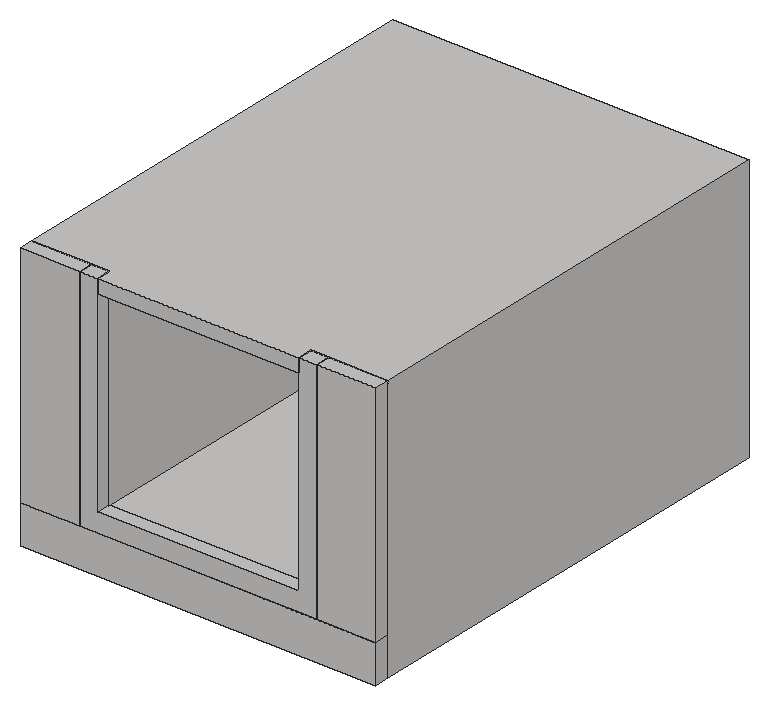
Revit family "QF_ELECTROLUXPROFESSIONAL_588642_MB1NCAFOOO", category Attrezzature speciali, Revit 2020
Family settings
  Quota connettore circolare = Usa diametro
  Tipo di parte = Normale
  Basato su piano di lavoro = No
  Sempre verticale = Sì
  Taglio con vuoti quando caricato = No
  Condiviso = No
  Punto di calcolo locali = No
Parameters (values of type "Standard")
  Weight = 19.00 kg
  Watts = 0 W
  Volts = 0 V
  URL Manufacturer = "https://www.electroluxprofessional.com/"
  URL = "https://www.electroluxprofessional.com/"
  Steam Supply Size = 0"
  Steam Supply Minimum Pressure = 0.00 psi
  Steam Supply Maximum Pressure = 0.00 psi
  Steam Consumption per Hour = 0
  Refrigeration Suction Line Size = 0 mm
  Refrigeration Liquid Line Size = 0 mm
  Refrigerant Compressor Remote = yes
  Prospetto di default = 0 mm
  Phase = 0
  Modello = "MB1NCAFOOO"
  Produttore = "Electrolux Professional"
  Length Actual = 600 mm  # constant formula
  Item Number = "588642"
  Hot Water Size = 0"
  Height Actual = 450 mm  # constant formula
  HP = "0 HP"
  Gas Size = 0"
  Gas KW = 0
  Gas Input Pressure = 0.0 Btu/h
  Direct Waste Size = 0"
  Descrizione = "OPEN BASE,GN,1-SIDE,600X850X450H"
  Depth Actual = 850 mm  # constant formula
  Cycle = 0 Hz
  Condensate Return Size = 0"
  Compressed Air Volume = 0 GPM
  Compressed Air Size = 0"
  Compressed Air Pressure = 0.00 psi
  Cold Water Size = 0"
  Accessory = yes
Reference planes
  plane 1 "BACK": y = 0
  plane 2: z = 0
  plane 3 "LEFT": x = 0
  plane 4 "RIGHT": x = 600
  plane 5 "FRONT": y = -850
  plane 6 "PLAIN": z = 900
  plane 7 "Center (Left/Right)": x = 300
  plane 8 "Center (Front/Back)": y = -425
  plane 9 "TOP": z = 650
  plane 10 "BASE": z = 200
  plane 11: x = 522
  plane 12: x = 78
  plane 13 "Feet_back": y = -150
  plane 14 "Feet_Front": y = -720
  plane 15: x = 100
  plane 16: x = 500
  plane 17: z = 265
  plane 18: y = -45
  plane 19: y = -805
  plane 20: y = -70
  plane 21: y = -830
  plane 22 "ButtonZ": z = 590
Forms (mm)
  Extrusion 1, solid, material "QF_Finishes_Stainless Steel"
    sketch origin (0, 0, 650) x (0, 1, 0) y (0, 0, 1)
      loop
        line (-45, -450) -> (-45, 0) -> (-805, 0) -> (-805, -450) -> (-45, -450)
    from 0 to 600
  Extrusion 2, solid, material "QF_Finishes_Stainless Steel"
    sketch origin (0, 0, 650) x (0, 1, 0) y (0, 0, 1)
      loop
        line (-830, -450) -> (-805, -450) -> (-805, -385) -> (-830, -385) -> (-830, -450)
    from 0 to 600
  Extrusion 3, void
    sketch origin (0, -850, 0) x (1, 0, 0) y (0, 0, 1)
      loop
        line (100, 650) -> (100, 265) -> (500, 265) -> (500, 650) -> (100, 650)
    from 0 to -780
  Extrusion 4, solid, material "QF_Finishes_Stainless Steel"
    sketch origin (0, -850, 0) x (1, 0, 0) y (0, 0, 1)
      loop
        line (130, 650) -> (130, 627) -> (470, 627) -> (470, 650) -> (130, 650)
    from -20 to -805
  Extrusion 5, solid, material "QF_Finishes_Stainless Steel"
    sketch origin (0, -850, 0) x (1, 0, 0) y (0, 0, 1)
      loop
        line (100, 650) -> (100, 265) -> (500, 265) -> (500, 650) -> (470, 650) -> (470, 295) -> (130, 295) -> (130, 650) -> (100, 650)
    from -45 to -780
  Extrusion 6, solid, material "QF_Finishes_Stainless Steel"
    sketch origin (0, -850, 0) x (1, 0, 0) y (0, 0, 1)
      loop
        line (0, 650) -> (0, 265) -> (100, 265) -> (100, 650) -> (0, 650)
    from -20 to -45
  Extrusion 7, solid, material "QF_Finishes_Stainless Steel"
    sketch origin (0, -850, 0) x (1, 0, 0) y (0, 0, 1)
      loop
        line (500, 650) -> (500, 265) -> (600, 265) -> (600, 650) -> (500, 650)
    from -20 to -45
  Extrusion 8, solid, material "QF_Finishes_Stainless Steel"
    sketch origin (85, -850, 0) x (1, 0, 0) y (0, 0, 1)
      loop
        line (15, 650) -> (15, 265) -> (415, 265) -> (415, 650) -> (385, 650) -> (385, 297) -> (45, 297) -> (45, 650) -> (15, 650)
    from -20 to -45
Cuts and joins
  Extrusion 3 cuts Extrusion 1
  joined: Extrusion 1, Extrusion 4, Extrusion 5
Lines and regions (mm)
  symbolic lines, style "SpecialityEquipmentHiddenLines"
    curve 1: line (0, 0, 0) -> (600, 0, 0)
    curve 2: line (0, -850, 0) -> (0, 0, 0)
    curve 3: line (600, -850, 0) -> (0, -850, 0)
    curve 4: line (600, 0, 0) -> (600, -850, 0)
Dimensions and locks
  plane 3 "LEFT" to plane 4 "RIGHT" = 600 mm
  plane 5 "FRONT" to plane 1 "BACK" = 850 mm
  equal spacing: plane 3 "LEFT", plane 7 "Center (Left/Right)", plane 4 "RIGHT"
  equal spacing: plane 5 "FRONT", plane 8 "Center (Front/Back)", plane 1 "BACK"
  plane 6 "PLAIN" to plane 9 "TOP" = 250 mm
  plane 10 "BASE" to level = 200 mm
  plane 9 "TOP" to plane 10 "BASE" = 450 mm
  locked: plane 1 "BACK" to plane 13 "Feet_back" at 150
  locked: plane 14 "Feet_Front" to plane 5 "FRONT" at 130
  locked: plane 12 to plane 3 "LEFT" at 78
  locked: plane 11 to plane 4 "RIGHT" at 78
  plane 16 to plane 15 = 400 mm
  equal spacing: plane 16, plane 7 "Center (Left/Right)", plane 15
  locked: plane 17 to plane 10 "BASE" at 65
  locked: plane 1 "BACK" to plane 18 at 45
  plane 9 "TOP" to Extrusion 4 sketch curve = 23 mm
  locked: Extrusion 4 sketch curve to plane 15 at 30
  locked: plane 16 to Extrusion 4 sketch curve at 30
  locked: Extrusion 5 sketch curve to plane 17 at 30
  plane 6 "PLAIN" to level = 900 mm
  Extrusion 5 to Extrusion 5 = 340 mm
  locked: plane 18 to plane 20 at 25
  locked: plane 21 to plane 5 "FRONT" at 20
  locked: plane 19 to plane 21 at 25
  plane 18 to plane 21 = 785 mm
  plane 22 "ButtonZ" to level = 590 mm
  aligned and locked: level to plane 2
  aligned and locked: Extrusion 1 to plane 4 "RIGHT"
  aligned and locked: Extrusion 1 to plane 3 "LEFT"
  aligned and locked: Extrusion 2 to plane 4 "RIGHT"
  aligned and locked: plane 9 "TOP" to Extrusion 3 sketch curve
  aligned and locked: Extrusion 3 sketch curve to plane 15
  aligned and locked: plane 16 to Extrusion 3 sketch curve
  aligned and locked: Extrusion 2 to plane 10 "BASE"
  aligned and locked: Extrusion 2 to plane 17
  aligned and locked: plane 17 to Extrusion 3 sketch curve
  aligned and locked: Extrusion 4 to plane 18
  aligned and locked: Extrusion 5 sketch curve to plane 15
  aligned and locked: plane 16 to Extrusion 5 sketch curve
  aligned and locked: plane 9 "TOP" to Extrusion 5 sketch curve  (x2)
  aligned and locked: plane 17 to Extrusion 5 sketch curve
  aligned and locked: Extrusion 5 sketch curve to Extrusion 4  (x2)
  aligned and locked: Extrusion 6 sketch curve to plane 9 "TOP"
  aligned and locked: plane 3 "LEFT" to Extrusion 6 sketch curve
  aligned and locked: Extrusion 6 sketch curve to plane 17
  aligned and locked: Extrusion 6 sketch curve to plane 15
  aligned and locked: Extrusion 7 sketch curve to plane 9 "TOP"
  aligned and locked: plane 16 to Extrusion 7 sketch curve
  aligned and locked: Extrusion 7 sketch curve to plane 17
  aligned and locked: plane 4 "RIGHT" to Extrusion 7 sketch curve
  aligned and locked: Extrusion 5 to plane 20
  aligned and locked: cut or joined group of Extrusion 1, Extrusion 3, Extrusion 4, Extrusion 5 to plane 20
  aligned and locked: cut or joined group of Extrusion 1, Extrusion 3, Extrusion 4, Extrusion 5 to plane 18
  aligned and locked: Extrusion 6 to plane 19
  aligned and locked: plane 21 to Extrusion 6
  aligned and locked: plane 21 to Extrusion 7
  aligned and locked: Extrusion 7 to plane 19
  aligned and locked: Extrusion 2 to plane 19
  aligned and locked: plane 21 to Extrusion 2
  aligned and locked: plane 19 to cut or joined group of Extrusion 1, Extrusion 3, Extrusion 4, Extrusion 5
  aligned and locked: Extrusion 8 sketch curve to plane 16
  aligned and locked: plane 15 to Extrusion 8 sketch curve
  aligned and locked: Extrusion 8 sketch curve to plane 17
  aligned and locked: plane 21 to cut or joined group of Extrusion 1, Extrusion 3, Extrusion 4, Extrusion 5
Automatic sketch dimensions
  curve 3 to plane 3 "LEFT" = 0 mm
  curve 3 to plane 4 "RIGHT" = 0 mm
  plane 5 "FRONT" to curve 3 = 0 mm
  plane 1 "BACK" to curve 2 = 0 mm
  Extrusion 1 sketch curve to plane 10 "BASE" = 0 mm
  plane 19 to Extrusion 1 sketch curve = 0 mm
  Extrusion 1 sketch curve to plane 18 = 0 mm
  Extrusion 1 sketch curve to plane 9 "TOP" = 0 mm
  plane 17 to Extrusion 2 sketch curve = 0 mm
  Extrusion 2 sketch curve to plane 21 = 0 mm
  Extrusion 2 sketch curve to plane 10 "BASE" = 0 mm
  Extrusion 2 sketch curve to plane 19 = 0 mm
  Extrusion 4 sketch curve to plane 9 "TOP" = 0 mm
  Extrusion 8 sketch curve to plane 9 "TOP" = 0 mm  (x2)
  plane 15 to Extrusion 8 sketch curve = 30 mm
  Extrusion 8 sketch curve to plane 16 = 30 mm
  Extrusion 8 sketch curve to plane 17 = 32 mm
